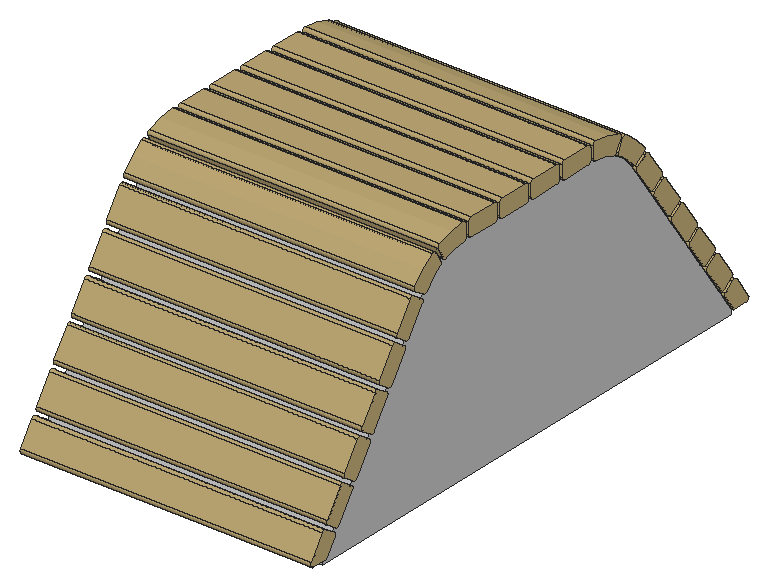
Revit family "L-FUR_벤치_YB-279_예건", category 일반 모델, Revit 2021
Family settings
  보강 철근 호스트 가능 = 아니오
  원형 커넥터 치수 = 지름 사용
  부품 유형 = 보통
  작업 기준면 기반 = 아니오
  항상 수직 = 예
  로드될 때 보이드를 사용하여 절단 = 아니오
  공유 = 아니오
  룸 계산 점 = 아니오
Parameters
  한국산업규격KS = ""
  조달청표준공사코드-세부공종 = ""
  기본 입면도 = 0 mm
  건설정보분류체계-부위분류 = "E943"
  LIM_INFO_주의사항 = "재배포, 재가공, 판매 금지"
  LIM_INFO_제품업체 = "예건"
  LIM_INFO_제품번호 = "YF-16"
  LIM_INFO_제품명 = "펜스_YF-16"
  LIM_INFO_제작일 = "20230315"
  LIM_INFO_재료 = "Hardwood, STL-pipe, STL-plate"
  LIM_INFO_업체정보 = ""
  LIM_INFO_업체URL = "https://yekun.com/"
  LIM_INFO_업체TEL = "(+82)31-943-6114"
  LIM_INFO_업체EMAIL = "yekun@yekun.com"
  LIM_INFO_버전 = "2023_V01"
  LIM_INFO_기타정보 = ""
  LIM_INFO_규격 = "W2000 x H1800"
  LIM_INFO_가격 = 0
  LIM_INFO_PV_포장재여부 = yes
  LIM_INFO_PV_면적 = 0.00 m²
  KBIMS_식별-버전 = ""
  KBIMS_식별-bSK등록번호 = ""
  KBIMS_보급정보-저작자 = "림인포테크_MMJ"
  KBIMS_보급정보-보급코드 = ""
Reference planes
  plane 1 "중심(앞/뒤)": y = 0
  plane 2: z = 0
  plane 3 "중심(왼쪽/오른쪽)": x = 0
Dimensions and locks
  aligned and locked: level to plane 2
Nested families
  nested 1: "YB-279_base" at (0, 0, 0), type "YB-279_base"
Definition of nested family "YB-279_base"
  Parameters (values of type "YB-279_base")
    Default Elevation = 0 mm
  Reference planes
    plane 1 "중심(앞/뒤)": y = 0
    plane 2: z = 0
    plane 3 "중심(왼쪽/오른쪽)": x = 0
  Forms (mm)
    Sweep 1, solid, not visible, detail levels fine
      path origin (0, 0, 0) x (1, 0, 0) y (0, 1, 0)
        loop
          circle (-1867.879, -167.062) r 568.25
      profile origin (-1867.879, 401.188, 0) x (0, -1, 0) y (0, 0, 1)
        loop
          circle (0, 0) r 28.75
        loop
          circle (0, 0) r 30.25
    Sweep 2, solid, not visible, detail levels coarse+medium
      path origin (0, 0, 0) x (1, 0, 0) y (0, 1, 0)
        loop
          circle (-1867.879, -167.062) r 568.25
      profile origin (-1867.879, 401.188, 0) x (0, -1, 0) y (0, 0, 1)
        loop
          line (26.465, -11.234) -> (26.657, 10.77) -> (11.234, 26.465) -> (-10.77, 26.657) -> (-26.465, 11.234) -> (-26.657, -10.77) -> (-11.234, -26.465) -> (10.77, -26.657) -> (26.465, -11.234)
        loop
          line (28.047, 11.332) -> (11.82, 27.845) -> (-11.332, 28.047) -> (-27.845, 11.82) -> (-28.047, -11.332) -> (-11.82, -27.845) -> (11.332, -28.047) -> (27.845, -11.82) -> (28.047, 11.332)
    Sweep 3, solid, not visible, detail levels fine
      path origin (0, 0, -1310.25) x (1, 0, 0) y (0, 1, 0)
        loop
          circle (-1867.879, -167.062) r 568.25
      profile origin (-1867.879, 401.188, -1310.25) x (0, -1, 0) y (0, 0, 1)
        loop
          circle (0, 1310.25) r 28.75
        loop
          circle (0, 1310.25) r 30.25
    Sweep 4, solid, not visible, detail levels coarse+medium
      path origin (0, 0, -1310.25) x (1, 0, 0) y (0, 1, 0)
        loop
          circle (-1867.879, -167.062) r 568.25
      profile origin (-1867.879, 401.188, -1310.25) x (0, -1, 0) y (0, 0, 1)
        loop
          line (26.465, 1299.016) -> (26.657, 1321.02) -> (11.234, 1336.715) -> (-10.77, 1336.907) -> (-26.465, 1321.484) -> (-26.657, 1299.48) -> (-11.234, 1283.785) -> (10.77, 1283.593) -> (26.465, 1299.016)
        loop
          line (28.047, 1321.582) -> (11.82, 1338.095) -> (-11.332, 1338.297) -> (-27.845, 1322.07) -> (-28.047, 1298.918) -> (-11.82, 1282.405) -> (11.332, 1282.203) -> (27.845, 1298.43) -> (28.047, 1321.582)
    Extrusion 5, solid, not visible
      sketch origin (0, 0, 0) x (1, 0, 0) y (0, 1, 0)
        loop
          line (-1678.243, -2480.024) -> (-1613.986, -2453.408)
          arc (-1613.986, -2453.408) -> (-1612.495, -2452.007) -> (-1612.304, -2449.969) r 2.893
          line (-1612.304, -2449.969) -> (-1622.315, -2413.562) -> (-1700.528, -2445.959) -> (-1681.864, -2478.781)
          arc (-1681.864, -2478.781) -> (-1680.288, -2480.087) -> (-1678.243, -2480.024) r 2.893
        loop
          line (-1517.968, -2394.568) -> (-1465.081, -2349.398)
          arc (-1465.081, -2349.398) -> (-1464.096, -2347.605) -> (-1464.544, -2345.608) r 2.893
          line (-1464.544, -2345.608) -> (-1485.315, -2314.077) -> (-1549.689, -2369.057) -> (-1521.796, -2394.505)
          arc (-1521.796, -2394.505) -> (-1519.893, -2395.26) -> (-1517.968, -2394.568) r 2.893
        loop
          line (-1391.945, -2263.766) -> (-1355.605, -2204.465)
          arc (-1355.605, -2204.465) -> (-1355.222, -2202.454) -> (-1356.265, -2200.694) r 2.893
          line (-1356.265, -2200.694) -> (-1385.763, -2177.125) -> (-1429.997, -2249.307) -> (-1395.605, -2264.89)
          arc (-1395.605, -2264.89) -> (-1393.562, -2265.02) -> (-1391.945, -2263.766) r 2.893
        loop
          line (-1312.509, -2100.424) -> (-1296.273, -2032.795)
          arc (-1296.273, -2032.795) -> (-1296.53, -2030.765) -> (-1298.067, -2029.413) r 2.893
          line (-1298.067, -2029.413) -> (-1333.404, -2016.112) -> (-1353.167, -2098.431) -> (-1315.643, -2102.623)
          arc (-1315.643, -2102.623) -> (-1313.66, -2102.116) -> (-1312.509, -2100.424) r 2.893
        loop
          line (-1287.437, -1920.529) -> (-1292.894, -1851.193)
          arc (-1292.894, -1851.193) -> (-1293.766, -1849.341) -> (-1295.645, -1848.53) r 2.893
          line (-1295.645, -1848.53) -> (-1333.364, -1846.801) -> (-1326.722, -1931.197) -> (-1289.738, -1923.589)
          arc (-1289.738, -1923.589) -> (-1288.009, -1922.494) -> (-1287.437, -1920.529) r 2.893
        loop
          line (-1319.183, -1741.691) -> (-1345.799, -1677.435)
          arc (-1345.799, -1677.435) -> (-1347.201, -1675.943) -> (-1349.238, -1675.753) r 2.893
          line (-1349.238, -1675.753) -> (-1385.645, -1685.763) -> (-1353.248, -1763.977) -> (-1320.426, -1745.312)
          arc (-1320.426, -1745.312) -> (-1319.12, -1743.736) -> (-1319.183, -1741.691) r 2.893
        loop
          line (-1404.64, -1581.416) -> (-1449.809, -1528.529)
          arc (-1449.809, -1528.529) -> (-1451.603, -1527.544) -> (-1453.6, -1527.992) r 2.893
          line (-1453.6, -1527.992) -> (-1485.131, -1548.764) -> (-1430.15, -1613.138) -> (-1404.702, -1585.244)
          arc (-1404.702, -1585.244) -> (-1403.947, -1583.342) -> (-1404.64, -1581.416) r 2.893
        loop
          line (-1535.441, -1455.393) -> (-1594.742, -1419.053)
          arc (-1594.742, -1419.053) -> (-1596.753, -1418.67) -> (-1598.513, -1419.714) r 2.893
          line (-1598.513, -1419.714) -> (-1622.083, -1449.212) -> (-1549.9, -1493.445) -> (-1534.317, -1459.053)
          arc (-1534.317, -1459.053) -> (-1534.187, -1457.01) -> (-1535.441, -1455.393) r 2.893
        loop
          line (-1698.784, -1375.958) -> (-1766.412, -1359.721)
          arc (-1766.412, -1359.721) -> (-1768.443, -1359.978) -> (-1769.795, -1361.515) r 2.893
          line (-1769.795, -1361.515) -> (-1783.095, -1396.853) -> (-1700.777, -1416.616) -> (-1696.584, -1379.091)
          arc (-1696.584, -1379.091) -> (-1697.091, -1377.108) -> (-1698.784, -1375.958) r 2.893
        loop
          line (-1878.679, -1350.886) -> (-1948.015, -1356.343)
          arc (-1948.015, -1356.343) -> (-1949.866, -1357.215) -> (-1950.677, -1359.094) r 2.893
          line (-1950.677, -1359.094) -> (-1952.406, -1396.812) -> (-1868.01, -1390.17) -> (-1875.618, -1353.187)
          arc (-1875.618, -1353.187) -> (-1876.713, -1351.457) -> (-1878.679, -1350.886) r 2.893
        loop
          line (-2057.516, -1382.632) -> (-2121.773, -1409.247)
          arc (-2121.773, -1409.247) -> (-2123.264, -1410.649) -> (-2123.455, -1412.687) r 2.893
          line (-2123.455, -1412.687) -> (-2113.444, -1449.093) -> (-2035.231, -1416.696) -> (-2053.895, -1383.874)
          arc (-2053.895, -1383.874) -> (-2055.471, -1382.568) -> (-2057.516, -1382.632) r 2.893
        loop
          line (-2217.791, -1468.088) -> (-2270.678, -1513.257)
          arc (-2270.678, -1513.257) -> (-2271.663, -1515.051) -> (-2271.215, -1517.048) r 2.893
          line (-2271.215, -1517.048) -> (-2250.444, -1548.579) -> (-2186.07, -1493.598) -> (-2213.963, -1468.15)
          arc (-2213.963, -1468.15) -> (-2215.865, -1467.395) -> (-2217.791, -1468.088) r 2.893
        loop
          line (-2343.814, -1598.889) -> (-2380.154, -1658.191)
          arc (-2380.154, -1658.191) -> (-2380.537, -1660.201) -> (-2379.494, -1661.962) r 2.893
          line (-2379.494, -1661.962) -> (-2349.996, -1685.531) -> (-2305.762, -1613.349) -> (-2340.154, -1597.766)
          arc (-2340.154, -1597.766) -> (-2342.197, -1597.635) -> (-2343.814, -1598.889) r 2.893
        loop
          line (-2437.692, -1833.243) -> (-2402.355, -1846.543) -> (-2382.592, -1764.225) -> (-2420.116, -1760.032)
          arc (-2420.116, -1760.032) -> (-2422.099, -1760.539) -> (-2423.25, -1762.232) r 2.893
          line (-2423.25, -1762.232) -> (-2439.486, -1829.861)
          arc (-2439.486, -1829.861) -> (-2439.229, -1831.891) -> (-2437.692, -1833.243) r 2.893
        loop
          line (-2440.113, -2014.125) -> (-2402.395, -2015.855) -> (-2409.037, -1931.458) -> (-2446.021, -1939.067)
          arc (-2446.021, -1939.067) -> (-2447.75, -1940.162) -> (-2448.322, -1942.127) r 2.893
          line (-2448.322, -1942.127) -> (-2442.865, -2011.463)
          arc (-2442.865, -2011.463) -> (-2441.993, -2013.314) -> (-2440.113, -2014.125) r 2.893
        loop
          line (-2386.521, -2186.903) -> (-2350.114, -2176.892) -> (-2382.511, -2098.679) -> (-2415.333, -2117.343)
          arc (-2415.333, -2117.343) -> (-2416.639, -2118.919) -> (-2416.576, -2120.965) r 2.893
          line (-2416.576, -2120.965) -> (-2389.96, -2185.221)
          arc (-2389.96, -2185.221) -> (-2388.558, -2186.712) -> (-2386.521, -2186.903) r 2.893
        loop
          line (-2282.159, -2334.663) -> (-2250.628, -2313.892) -> (-2305.609, -2249.518) -> (-2331.057, -2277.412)
          arc (-2331.057, -2277.412) -> (-2331.812, -2279.314) -> (-2331.119, -2281.24) r 2.893
          line (-2331.119, -2281.24) -> (-2285.95, -2334.126)
          arc (-2285.95, -2334.126) -> (-2284.156, -2335.112) -> (-2282.159, -2334.663) r 2.893
        loop
          line (-2137.246, -2442.942) -> (-2113.676, -2413.444) -> (-2185.859, -2369.21) -> (-2201.441, -2403.603)
          arc (-2201.441, -2403.603) -> (-2201.572, -2405.645) -> (-2200.318, -2407.263) r 2.893
          line (-2200.318, -2407.263) -> (-2141.017, -2443.603)
          arc (-2141.017, -2443.603) -> (-2139.006, -2443.986) -> (-2137.246, -2442.942) r 2.893
        loop
          line (-1965.964, -2501.141) -> (-1952.664, -2465.803) -> (-2034.982, -2446.04) -> (-2039.175, -2483.564)
          arc (-2039.175, -2483.564) -> (-2038.668, -2485.547) -> (-2036.975, -2486.698) r 2.893
          line (-2036.975, -2486.698) -> (-1969.347, -2502.934)
          arc (-1969.347, -2502.934) -> (-1967.316, -2502.677) -> (-1965.964, -2501.141) r 2.893
        loop
          line (-1785.082, -2503.562) -> (-1783.353, -2465.844) -> (-1867.749, -2472.486) -> (-1860.141, -2509.469)
          arc (-1860.141, -2509.469) -> (-1859.046, -2511.198) -> (-1857.08, -2511.77) r 2.893
          line (-1857.08, -2511.77) -> (-1787.744, -2506.313)
          arc (-1787.744, -2506.313) -> (-1785.893, -2505.441) -> (-1785.082, -2503.562) r 2.893
      from 0 to 680
    Extrusion 6, solid, not visible
      sketch origin (-326.184, 269.167, 0) x (0.987613, 0.156911, 0) y (-0.156911, 0.987613, 0)
        loop
          line (-1678.243, -2480.024) -> (-1613.986, -2453.408)
          arc (-1613.986, -2453.408) -> (-1612.495, -2452.007) -> (-1612.304, -2449.969) r 2.893
          line (-1612.304, -2449.969) -> (-1622.315, -2413.562) -> (-1700.528, -2445.959) -> (-1681.864, -2478.781)
          arc (-1681.864, -2478.781) -> (-1680.288, -2480.087) -> (-1678.243, -2480.024) r 2.893
        loop
          line (-1517.968, -2394.568) -> (-1465.081, -2349.398)
          arc (-1465.081, -2349.398) -> (-1464.096, -2347.605) -> (-1464.544, -2345.608) r 2.893
          line (-1464.544, -2345.608) -> (-1485.315, -2314.077) -> (-1549.689, -2369.057) -> (-1521.796, -2394.505)
          arc (-1521.796, -2394.505) -> (-1519.893, -2395.26) -> (-1517.968, -2394.568) r 2.893
        loop
          line (-1391.945, -2263.766) -> (-1355.605, -2204.465)
          arc (-1355.605, -2204.465) -> (-1355.222, -2202.454) -> (-1356.265, -2200.694) r 2.893
          line (-1356.265, -2200.694) -> (-1385.763, -2177.125) -> (-1429.997, -2249.307) -> (-1395.605, -2264.89)
          arc (-1395.605, -2264.89) -> (-1393.562, -2265.02) -> (-1391.945, -2263.766) r 2.893
        loop
          line (-1312.509, -2100.424) -> (-1296.273, -2032.795)
          arc (-1296.273, -2032.795) -> (-1296.53, -2030.765) -> (-1298.067, -2029.413) r 2.893
          line (-1298.067, -2029.413) -> (-1333.404, -2016.112) -> (-1353.167, -2098.431) -> (-1315.643, -2102.623)
          arc (-1315.643, -2102.623) -> (-1313.66, -2102.116) -> (-1312.509, -2100.424) r 2.893
        loop
          line (-1287.437, -1920.529) -> (-1292.894, -1851.193)
          arc (-1292.894, -1851.193) -> (-1293.766, -1849.341) -> (-1295.645, -1848.53) r 2.893
          line (-1295.645, -1848.53) -> (-1333.364, -1846.801) -> (-1326.722, -1931.197) -> (-1289.738, -1923.589)
          arc (-1289.738, -1923.589) -> (-1288.009, -1922.494) -> (-1287.437, -1920.529) r 2.893
        loop
          line (-1319.183, -1741.691) -> (-1345.799, -1677.435)
          arc (-1345.799, -1677.435) -> (-1347.201, -1675.943) -> (-1349.238, -1675.753) r 2.893
          line (-1349.238, -1675.753) -> (-1385.645, -1685.763) -> (-1353.248, -1763.977) -> (-1320.426, -1745.312)
          arc (-1320.426, -1745.312) -> (-1319.12, -1743.736) -> (-1319.183, -1741.691) r 2.893
        loop
          line (-1404.64, -1581.416) -> (-1449.809, -1528.529)
          arc (-1449.809, -1528.529) -> (-1451.603, -1527.544) -> (-1453.6, -1527.992) r 2.893
          line (-1453.6, -1527.992) -> (-1485.131, -1548.764) -> (-1430.15, -1613.138) -> (-1404.702, -1585.244)
          arc (-1404.702, -1585.244) -> (-1403.947, -1583.342) -> (-1404.64, -1581.416) r 2.893
        loop
          line (-1535.441, -1455.393) -> (-1594.742, -1419.053)
          arc (-1594.742, -1419.053) -> (-1596.753, -1418.67) -> (-1598.513, -1419.714) r 2.893
          line (-1598.513, -1419.714) -> (-1622.083, -1449.212) -> (-1549.9, -1493.445) -> (-1534.317, -1459.053)
          arc (-1534.317, -1459.053) -> (-1534.187, -1457.01) -> (-1535.441, -1455.393) r 2.893
        loop
          line (-1698.784, -1375.958) -> (-1766.412, -1359.721)
          arc (-1766.412, -1359.721) -> (-1768.443, -1359.978) -> (-1769.795, -1361.515) r 2.893
          line (-1769.795, -1361.515) -> (-1783.095, -1396.853) -> (-1700.777, -1416.616) -> (-1696.584, -1379.091)
          arc (-1696.584, -1379.091) -> (-1697.091, -1377.108) -> (-1698.784, -1375.958) r 2.893
        loop
          line (-1878.679, -1350.886) -> (-1948.015, -1356.343)
          arc (-1948.015, -1356.343) -> (-1949.866, -1357.215) -> (-1950.677, -1359.094) r 2.893
          line (-1950.677, -1359.094) -> (-1952.406, -1396.812) -> (-1868.01, -1390.17) -> (-1875.618, -1353.187)
          arc (-1875.618, -1353.187) -> (-1876.713, -1351.457) -> (-1878.679, -1350.886) r 2.893
        loop
          line (-2057.516, -1382.632) -> (-2121.773, -1409.247)
          arc (-2121.773, -1409.247) -> (-2123.264, -1410.649) -> (-2123.455, -1412.687) r 2.893
          line (-2123.455, -1412.687) -> (-2113.444, -1449.093) -> (-2035.231, -1416.696) -> (-2053.895, -1383.874)
          arc (-2053.895, -1383.874) -> (-2055.471, -1382.568) -> (-2057.516, -1382.632) r 2.893
        loop
          line (-2217.791, -1468.088) -> (-2270.678, -1513.257)
          arc (-2270.678, -1513.257) -> (-2271.663, -1515.051) -> (-2271.215, -1517.048) r 2.893
          line (-2271.215, -1517.048) -> (-2250.444, -1548.579) -> (-2186.07, -1493.598) -> (-2213.963, -1468.15)
          arc (-2213.963, -1468.15) -> (-2215.865, -1467.395) -> (-2217.791, -1468.088) r 2.893
        loop
          line (-2343.814, -1598.889) -> (-2380.154, -1658.191)
          arc (-2380.154, -1658.191) -> (-2380.537, -1660.201) -> (-2379.494, -1661.962) r 2.893
          line (-2379.494, -1661.962) -> (-2349.996, -1685.531) -> (-2305.762, -1613.349) -> (-2340.154, -1597.766)
          arc (-2340.154, -1597.766) -> (-2342.197, -1597.635) -> (-2343.814, -1598.889) r 2.893
        loop
          line (-2437.692, -1833.243) -> (-2402.355, -1846.543) -> (-2382.592, -1764.225) -> (-2420.116, -1760.032)
          arc (-2420.116, -1760.032) -> (-2422.099, -1760.539) -> (-2423.25, -1762.232) r 2.893
          line (-2423.25, -1762.232) -> (-2439.486, -1829.861)
          arc (-2439.486, -1829.861) -> (-2439.229, -1831.891) -> (-2437.692, -1833.243) r 2.893
        loop
          line (-2440.113, -2014.125) -> (-2402.395, -2015.855) -> (-2409.037, -1931.458) -> (-2446.021, -1939.067)
          arc (-2446.021, -1939.067) -> (-2447.75, -1940.162) -> (-2448.322, -1942.127) r 2.893
          line (-2448.322, -1942.127) -> (-2442.865, -2011.463)
          arc (-2442.865, -2011.463) -> (-2441.993, -2013.314) -> (-2440.113, -2014.125) r 2.893
        loop
          line (-2386.521, -2186.903) -> (-2350.114, -2176.892) -> (-2382.511, -2098.679) -> (-2415.333, -2117.343)
          arc (-2415.333, -2117.343) -> (-2416.639, -2118.919) -> (-2416.576, -2120.965) r 2.893
          line (-2416.576, -2120.965) -> (-2389.96, -2185.221)
          arc (-2389.96, -2185.221) -> (-2388.558, -2186.712) -> (-2386.521, -2186.903) r 2.893
        loop
          line (-2282.159, -2334.663) -> (-2250.628, -2313.892) -> (-2305.609, -2249.518) -> (-2331.057, -2277.412)
          arc (-2331.057, -2277.412) -> (-2331.812, -2279.314) -> (-2331.119, -2281.24) r 2.893
          line (-2331.119, -2281.24) -> (-2285.95, -2334.126)
          arc (-2285.95, -2334.126) -> (-2284.156, -2335.112) -> (-2282.159, -2334.663) r 2.893
        loop
          line (-2137.246, -2442.942) -> (-2113.676, -2413.444) -> (-2185.859, -2369.21) -> (-2201.441, -2403.603)
          arc (-2201.441, -2403.603) -> (-2201.572, -2405.645) -> (-2200.318, -2407.263) r 2.893
          line (-2200.318, -2407.263) -> (-2141.017, -2443.603)
          arc (-2141.017, -2443.603) -> (-2139.006, -2443.986) -> (-2137.246, -2442.942) r 2.893
        loop
          line (-1965.964, -2501.141) -> (-1952.664, -2465.803) -> (-2034.982, -2446.04) -> (-2039.175, -2483.564)
          arc (-2039.175, -2483.564) -> (-2038.668, -2485.547) -> (-2036.975, -2486.698) r 2.893
          line (-2036.975, -2486.698) -> (-1969.347, -2502.934)
          arc (-1969.347, -2502.934) -> (-1967.316, -2502.677) -> (-1965.964, -2501.141) r 2.893
        loop
          line (-1785.082, -2503.562) -> (-1783.353, -2465.844) -> (-1867.749, -2472.486) -> (-1860.141, -2509.469)
          arc (-1860.141, -2509.469) -> (-1859.046, -2511.198) -> (-1857.08, -2511.77) r 2.893
          line (-1857.08, -2511.77) -> (-1787.744, -2506.313)
          arc (-1787.744, -2506.313) -> (-1785.893, -2505.441) -> (-1785.082, -2503.562) r 2.893
      from 0 to 680
    Extrusion 7, solid, not visible
      sketch origin (0, 0, 0) x (1, 0, 0) y (0, 1, 0)
        loop
          circle (-1867.879, -1931.328) r 537.5
        loop
          circle (-1867.879, -1931.328) r 539.5
      from 0 to 794.31
    Sweep 8, solid, not visible, detail levels fine
      path origin (0, -1764.266, -542.405) x (1, 0, 0) y (0, 1, 0)
        loop
          circle (-1867.879, -167.062) r 568.25
      profile origin (-1867.879, -1363.078, -542.405) x (0, -1, 0) y (0, 0, 1)
        loop
          circle (0, 1310.25) r 28.75
        loop
          circle (0, 1310.25) r 30.25
    Sweep 9, solid, not visible, detail levels coarse+medium
      path origin (0, -1764.266, -542.405) x (1, 0, 0) y (0, 1, 0)
        loop
          circle (-1867.879, -167.062) r 568.25
      profile origin (-1867.879, -1363.078, -542.405) x (0, -1, 0) y (0, 0, 1)
        loop
          line (26.465, 1299.016) -> (26.657, 1321.02) -> (11.234, 1336.715) -> (-10.77, 1336.907) -> (-26.465, 1321.484) -> (-26.657, 1299.48) -> (-11.234, 1283.785) -> (10.77, 1283.593) -> (26.465, 1299.016)
        loop
          line (28.047, 1321.582) -> (11.82, 1338.095) -> (-11.332, 1338.297) -> (-27.845, 1322.07) -> (-28.047, 1298.918) -> (-11.82, 1282.405) -> (11.332, 1282.203) -> (27.845, 1298.43) -> (28.047, 1321.582)
    Sweep 10, solid, not visible, detail levels fine
      path origin (0, -1764.266, -1278.297) x (1, 0, 0) y (0, 1, 0)
        loop
          circle (-1867.879, -167.062) r 568.25
      profile origin (-1867.879, -1363.078, -1278.297) x (0, -1, 0) y (0, 0, 1)
        loop
          circle (0, 1310.25) r 28.75
        loop
          circle (0, 1310.25) r 30.25
    Sweep 11, solid, not visible, detail levels coarse+medium
      path origin (0, -1764.266, -1278.297) x (1, 0, 0) y (0, 1, 0)
        loop
          circle (-1867.879, -167.062) r 568.25
      profile origin (-1867.879, -1363.078, -1278.297) x (0, -1, 0) y (0, 0, 1)
        loop
          line (26.465, 1299.016) -> (26.657, 1321.02) -> (11.234, 1336.715) -> (-10.77, 1336.907) -> (-26.465, 1321.484) -> (-26.657, 1299.48) -> (-11.234, 1283.785) -> (10.77, 1283.593) -> (26.465, 1299.016)
        loop
          line (28.047, 1321.582) -> (11.82, 1338.095) -> (-11.332, 1338.297) -> (-27.845, 1322.07) -> (-28.047, 1298.918) -> (-11.82, 1282.405) -> (11.332, 1282.203) -> (27.845, 1298.43) -> (28.047, 1321.582)
    Extrusion 12, solid, not visible
      sketch origin (0, 0, 60) x (1, 0, 0) y (0, 1, 0)
        loop
          line (-1678.243, -2480.024) -> (-1613.986, -2453.408)
          arc (-1613.986, -2453.408) -> (-1612.495, -2452.007) -> (-1612.304, -2449.969) r 2.893
          line (-1612.304, -2449.969) -> (-1622.315, -2413.562) -> (-1700.528, -2445.959) -> (-1681.864, -2478.781)
          arc (-1681.864, -2478.781) -> (-1680.288, -2480.087) -> (-1678.243, -2480.024) r 2.893
        loop
          line (-1517.968, -2394.568) -> (-1465.081, -2349.398)
          arc (-1465.081, -2349.398) -> (-1464.096, -2347.605) -> (-1464.544, -2345.608) r 2.893
          line (-1464.544, -2345.608) -> (-1485.315, -2314.077) -> (-1549.689, -2369.057) -> (-1521.796, -2394.505)
          arc (-1521.796, -2394.505) -> (-1519.893, -2395.26) -> (-1517.968, -2394.568) r 2.893
        loop
          line (-1391.945, -2263.766) -> (-1355.605, -2204.465)
          arc (-1355.605, -2204.465) -> (-1355.222, -2202.454) -> (-1356.265, -2200.694) r 2.893
          line (-1356.265, -2200.694) -> (-1385.763, -2177.125) -> (-1429.997, -2249.307) -> (-1395.605, -2264.89)
          arc (-1395.605, -2264.89) -> (-1393.562, -2265.02) -> (-1391.945, -2263.766) r 2.893
        loop
          line (-1312.509, -2100.424) -> (-1296.273, -2032.795)
          arc (-1296.273, -2032.795) -> (-1296.53, -2030.765) -> (-1298.067, -2029.413) r 2.893
          line (-1298.067, -2029.413) -> (-1333.404, -2016.112) -> (-1353.167, -2098.431) -> (-1315.643, -2102.623)
          arc (-1315.643, -2102.623) -> (-1313.66, -2102.116) -> (-1312.509, -2100.424) r 2.893
        loop
          line (-1287.437, -1920.529) -> (-1292.894, -1851.193)
          arc (-1292.894, -1851.193) -> (-1293.766, -1849.341) -> (-1295.645, -1848.53) r 2.893
          line (-1295.645, -1848.53) -> (-1333.364, -1846.801) -> (-1326.722, -1931.197) -> (-1289.738, -1923.589)
          arc (-1289.738, -1923.589) -> (-1288.009, -1922.494) -> (-1287.437, -1920.529) r 2.893
        loop
          line (-1319.183, -1741.691) -> (-1345.799, -1677.435)
          arc (-1345.799, -1677.435) -> (-1347.201, -1675.943) -> (-1349.238, -1675.753) r 2.893
          line (-1349.238, -1675.753) -> (-1385.645, -1685.763) -> (-1353.248, -1763.977) -> (-1320.426, -1745.312)
          arc (-1320.426, -1745.312) -> (-1319.12, -1743.736) -> (-1319.183, -1741.691) r 2.893
        loop
          line (-1404.64, -1581.416) -> (-1449.809, -1528.529)
          arc (-1449.809, -1528.529) -> (-1451.603, -1527.544) -> (-1453.6, -1527.992) r 2.893
          line (-1453.6, -1527.992) -> (-1485.131, -1548.764) -> (-1430.15, -1613.138) -> (-1404.702, -1585.244)
          arc (-1404.702, -1585.244) -> (-1403.947, -1583.342) -> (-1404.64, -1581.416) r 2.893
        loop
          line (-1535.441, -1455.393) -> (-1594.742, -1419.053)
          arc (-1594.742, -1419.053) -> (-1596.753, -1418.67) -> (-1598.513, -1419.714) r 2.893
          line (-1598.513, -1419.714) -> (-1622.083, -1449.212) -> (-1549.9, -1493.445) -> (-1534.317, -1459.053)
          arc (-1534.317, -1459.053) -> (-1534.187, -1457.01) -> (-1535.441, -1455.393) r 2.893
        loop
          line (-1698.784, -1375.958) -> (-1766.412, -1359.721)
          arc (-1766.412, -1359.721) -> (-1768.443, -1359.978) -> (-1769.795, -1361.515) r 2.893
          line (-1769.795, -1361.515) -> (-1783.095, -1396.853) -> (-1700.777, -1416.616) -> (-1696.584, -1379.091)
          arc (-1696.584, -1379.091) -> (-1697.091, -1377.108) -> (-1698.784, -1375.958) r 2.893
        loop
          line (-1878.679, -1350.886) -> (-1948.015, -1356.343)
          arc (-1948.015, -1356.343) -> (-1949.866, -1357.215) -> (-1950.677, -1359.094) r 2.893
          line (-1950.677, -1359.094) -> (-1952.406, -1396.812) -> (-1868.01, -1390.17) -> (-1875.618, -1353.187)
          arc (-1875.618, -1353.187) -> (-1876.713, -1351.457) -> (-1878.679, -1350.886) r 2.893
        loop
          line (-2057.516, -1382.632) -> (-2121.773, -1409.247)
          arc (-2121.773, -1409.247) -> (-2123.264, -1410.649) -> (-2123.455, -1412.687) r 2.893
          line (-2123.455, -1412.687) -> (-2113.444, -1449.093) -> (-2035.231, -1416.696) -> (-2053.895, -1383.874)
          arc (-2053.895, -1383.874) -> (-2055.471, -1382.568) -> (-2057.516, -1382.632) r 2.893
        loop
          line (-2217.791, -1468.088) -> (-2270.678, -1513.257)
          arc (-2270.678, -1513.257) -> (-2271.663, -1515.051) -> (-2271.215, -1517.048) r 2.893
          line (-2271.215, -1517.048) -> (-2250.444, -1548.579) -> (-2186.07, -1493.598) -> (-2213.963, -1468.15)
          arc (-2213.963, -1468.15) -> (-2215.865, -1467.395) -> (-2217.791, -1468.088) r 2.893
        loop
          line (-2343.814, -1598.889) -> (-2380.154, -1658.191)
          arc (-2380.154, -1658.191) -> (-2380.537, -1660.201) -> (-2379.494, -1661.962) r 2.893
          line (-2379.494, -1661.962) -> (-2349.996, -1685.531) -> (-2305.762, -1613.349) -> (-2340.154, -1597.766)
          arc (-2340.154, -1597.766) -> (-2342.197, -1597.635) -> (-2343.814, -1598.889) r 2.893
        loop
          line (-2437.692, -1833.243) -> (-2402.355, -1846.543) -> (-2382.592, -1764.225) -> (-2420.116, -1760.032)
          arc (-2420.116, -1760.032) -> (-2422.099, -1760.539) -> (-2423.25, -1762.232) r 2.893
          line (-2423.25, -1762.232) -> (-2439.486, -1829.861)
          arc (-2439.486, -1829.861) -> (-2439.229, -1831.891) -> (-2437.692, -1833.243) r 2.893
        loop
          line (-2440.113, -2014.125) -> (-2402.395, -2015.855) -> (-2409.037, -1931.458) -> (-2446.021, -1939.067)
          arc (-2446.021, -1939.067) -> (-2447.75, -1940.162) -> (-2448.322, -1942.127) r 2.893
          line (-2448.322, -1942.127) -> (-2442.865, -2011.463)
          arc (-2442.865, -2011.463) -> (-2441.993, -2013.314) -> (-2440.113, -2014.125) r 2.893
        loop
          line (-2386.521, -2186.903) -> (-2350.114, -2176.892) -> (-2382.511, -2098.679) -> (-2415.333, -2117.343)
          arc (-2415.333, -2117.343) -> (-2416.639, -2118.919) -> (-2416.576, -2120.965) r 2.893
          line (-2416.576, -2120.965) -> (-2389.96, -2185.221)
          arc (-2389.96, -2185.221) -> (-2388.558, -2186.712) -> (-2386.521, -2186.903) r 2.893
        loop
          line (-2282.159, -2334.663) -> (-2250.628, -2313.892) -> (-2305.609, -2249.518) -> (-2331.057, -2277.412)
          arc (-2331.057, -2277.412) -> (-2331.812, -2279.314) -> (-2331.119, -2281.24) r 2.893
          line (-2331.119, -2281.24) -> (-2285.95, -2334.126)
          arc (-2285.95, -2334.126) -> (-2284.156, -2335.112) -> (-2282.159, -2334.663) r 2.893
        loop
          line (-2137.246, -2442.942) -> (-2113.676, -2413.444) -> (-2185.859, -2369.21) -> (-2201.441, -2403.603)
          arc (-2201.441, -2403.603) -> (-2201.572, -2405.645) -> (-2200.318, -2407.263) r 2.893
          line (-2200.318, -2407.263) -> (-2141.017, -2443.603)
          arc (-2141.017, -2443.603) -> (-2139.006, -2443.986) -> (-2137.246, -2442.942) r 2.893
        loop
          line (-1965.964, -2501.141) -> (-1952.664, -2465.803) -> (-2034.982, -2446.04) -> (-2039.175, -2483.564)
          arc (-2039.175, -2483.564) -> (-2038.668, -2485.547) -> (-2036.975, -2486.698) r 2.893
          line (-2036.975, -2486.698) -> (-1969.347, -2502.934)
          arc (-1969.347, -2502.934) -> (-1967.316, -2502.677) -> (-1965.964, -2501.141) r 2.893
        loop
          line (-1785.082, -2503.562) -> (-1783.353, -2465.844) -> (-1867.749, -2472.486) -> (-1860.141, -2509.469)
          arc (-1860.141, -2509.469) -> (-1859.046, -2511.198) -> (-1857.08, -2511.77) r 2.893
          line (-1857.08, -2511.77) -> (-1787.744, -2506.313)
          arc (-1787.744, -2506.313) -> (-1785.893, -2505.441) -> (-1785.082, -2503.562) r 2.893
      from 0 to 680
    Extrusion 13, solid, not visible
      sketch origin (-326.184, 269.167, 60) x (0.987613, 0.156911, 0) y (-0.156911, 0.987613, 0)
        loop
          line (-1678.243, -2480.024) -> (-1613.986, -2453.408)
          arc (-1613.986, -2453.408) -> (-1612.495, -2452.007) -> (-1612.304, -2449.969) r 2.893
          line (-1612.304, -2449.969) -> (-1622.315, -2413.562) -> (-1700.528, -2445.959) -> (-1681.864, -2478.781)
          arc (-1681.864, -2478.781) -> (-1680.288, -2480.087) -> (-1678.243, -2480.024) r 2.893
        loop
          line (-1517.968, -2394.568) -> (-1465.081, -2349.398)
          arc (-1465.081, -2349.398) -> (-1464.096, -2347.605) -> (-1464.544, -2345.608) r 2.893
          line (-1464.544, -2345.608) -> (-1485.315, -2314.077) -> (-1549.689, -2369.057) -> (-1521.796, -2394.505)
          arc (-1521.796, -2394.505) -> (-1519.893, -2395.26) -> (-1517.968, -2394.568) r 2.893
        loop
          line (-1391.945, -2263.766) -> (-1355.605, -2204.465)
          arc (-1355.605, -2204.465) -> (-1355.222, -2202.454) -> (-1356.265, -2200.694) r 2.893
          line (-1356.265, -2200.694) -> (-1385.763, -2177.125) -> (-1429.997, -2249.307) -> (-1395.605, -2264.89)
          arc (-1395.605, -2264.89) -> (-1393.562, -2265.02) -> (-1391.945, -2263.766) r 2.893
        loop
          line (-1312.509, -2100.424) -> (-1296.273, -2032.795)
          arc (-1296.273, -2032.795) -> (-1296.53, -2030.765) -> (-1298.067, -2029.413) r 2.893
          line (-1298.067, -2029.413) -> (-1333.404, -2016.112) -> (-1353.167, -2098.431) -> (-1315.643, -2102.623)
          arc (-1315.643, -2102.623) -> (-1313.66, -2102.116) -> (-1312.509, -2100.424) r 2.893
        loop
          line (-1287.437, -1920.529) -> (-1292.894, -1851.193)
          arc (-1292.894, -1851.193) -> (-1293.766, -1849.341) -> (-1295.645, -1848.53) r 2.893
          line (-1295.645, -1848.53) -> (-1333.364, -1846.801) -> (-1326.722, -1931.197) -> (-1289.738, -1923.589)
          arc (-1289.738, -1923.589) -> (-1288.009, -1922.494) -> (-1287.437, -1920.529) r 2.893
        loop
          line (-1319.183, -1741.691) -> (-1345.799, -1677.435)
          arc (-1345.799, -1677.435) -> (-1347.201, -1675.943) -> (-1349.238, -1675.753) r 2.893
          line (-1349.238, -1675.753) -> (-1385.645, -1685.763) -> (-1353.248, -1763.977) -> (-1320.426, -1745.312)
          arc (-1320.426, -1745.312) -> (-1319.12, -1743.736) -> (-1319.183, -1741.691) r 2.893
        loop
          line (-1404.64, -1581.416) -> (-1449.809, -1528.529)
          arc (-1449.809, -1528.529) -> (-1451.603, -1527.544) -> (-1453.6, -1527.992) r 2.893
          line (-1453.6, -1527.992) -> (-1485.131, -1548.764) -> (-1430.15, -1613.138) -> (-1404.702, -1585.244)
          arc (-1404.702, -1585.244) -> (-1403.947, -1583.342) -> (-1404.64, -1581.416) r 2.893
        loop
          line (-1535.441, -1455.393) -> (-1594.742, -1419.053)
          arc (-1594.742, -1419.053) -> (-1596.753, -1418.67) -> (-1598.513, -1419.714) r 2.893
          line (-1598.513, -1419.714) -> (-1622.083, -1449.212) -> (-1549.9, -1493.445) -> (-1534.317, -1459.053)
          arc (-1534.317, -1459.053) -> (-1534.187, -1457.01) -> (-1535.441, -1455.393) r 2.893
        loop
          line (-1698.784, -1375.958) -> (-1766.412, -1359.721)
          arc (-1766.412, -1359.721) -> (-1768.443, -1359.978) -> (-1769.795, -1361.515) r 2.893
          line (-1769.795, -1361.515) -> (-1783.095, -1396.853) -> (-1700.777, -1416.616) -> (-1696.584, -1379.091)
          arc (-1696.584, -1379.091) -> (-1697.091, -1377.108) -> (-1698.784, -1375.958) r 2.893
        loop
          line (-1878.679, -1350.886) -> (-1948.015, -1356.343)
          arc (-1948.015, -1356.343) -> (-1949.866, -1357.215) -> (-1950.677, -1359.094) r 2.893
          line (-1950.677, -1359.094) -> (-1952.406, -1396.812) -> (-1868.01, -1390.17) -> (-1875.618, -1353.187)
          arc (-1875.618, -1353.187) -> (-1876.713, -1351.457) -> (-1878.679, -1350.886) r 2.893
        loop
          line (-2057.516, -1382.632) -> (-2121.773, -1409.247)
          arc (-2121.773, -1409.247) -> (-2123.264, -1410.649) -> (-2123.455, -1412.687) r 2.893
          line (-2123.455, -1412.687) -> (-2113.444, -1449.093) -> (-2035.231, -1416.696) -> (-2053.895, -1383.874)
          arc (-2053.895, -1383.874) -> (-2055.471, -1382.568) -> (-2057.516, -1382.632) r 2.893
        loop
          line (-2217.791, -1468.088) -> (-2270.678, -1513.257)
          arc (-2270.678, -1513.257) -> (-2271.663, -1515.051) -> (-2271.215, -1517.048) r 2.893
          line (-2271.215, -1517.048) -> (-2250.444, -1548.579) -> (-2186.07, -1493.598) -> (-2213.963, -1468.15)
          arc (-2213.963, -1468.15) -> (-2215.865, -1467.395) -> (-2217.791, -1468.088) r 2.893
        loop
          line (-2343.814, -1598.889) -> (-2380.154, -1658.191)
          arc (-2380.154, -1658.191) -> (-2380.537, -1660.201) -> (-2379.494, -1661.962) r 2.893
          line (-2379.494, -1661.962) -> (-2349.996, -1685.531) -> (-2305.762, -1613.349) -> (-2340.154, -1597.766)
          arc (-2340.154, -1597.766) -> (-2342.197, -1597.635) -> (-2343.814, -1598.889) r 2.893
        loop
          line (-2437.692, -1833.243) -> (-2402.355, -1846.543) -> (-2382.592, -1764.225) -> (-2420.116, -1760.032)
          arc (-2420.116, -1760.032) -> (-2422.099, -1760.539) -> (-2423.25, -1762.232) r 2.893
          line (-2423.25, -1762.232) -> (-2439.486, -1829.861)
          arc (-2439.486, -1829.861) -> (-2439.229, -1831.891) -> (-2437.692, -1833.243) r 2.893
        loop
          line (-2440.113, -2014.125) -> (-2402.395, -2015.855) -> (-2409.037, -1931.458) -> (-2446.021, -1939.067)
          arc (-2446.021, -1939.067) -> (-2447.75, -1940.162) -> (-2448.322, -1942.127) r 2.893
          line (-2448.322, -1942.127) -> (-2442.865, -2011.463)
          arc (-2442.865, -2011.463) -> (-2441.993, -2013.314) -> (-2440.113, -2014.125) r 2.893
        loop
          line (-2386.521, -2186.903) -> (-2350.114, -2176.892) -> (-2382.511, -2098.679) -> (-2415.333, -2117.343)
          arc (-2415.333, -2117.343) -> (-2416.639, -2118.919) -> (-2416.576, -2120.965) r 2.893
          line (-2416.576, -2120.965) -> (-2389.96, -2185.221)
          arc (-2389.96, -2185.221) -> (-2388.558, -2186.712) -> (-2386.521, -2186.903) r 2.893
        loop
          line (-2282.159, -2334.663) -> (-2250.628, -2313.892) -> (-2305.609, -2249.518) -> (-2331.057, -2277.412)
          arc (-2331.057, -2277.412) -> (-2331.812, -2279.314) -> (-2331.119, -2281.24) r 2.893
          line (-2331.119, -2281.24) -> (-2285.95, -2334.126)
          arc (-2285.95, -2334.126) -> (-2284.156, -2335.112) -> (-2282.159, -2334.663) r 2.893
        loop
          line (-2137.246, -2442.942) -> (-2113.676, -2413.444) -> (-2185.859, -2369.21) -> (-2201.441, -2403.603)
          arc (-2201.441, -2403.603) -> (-2201.572, -2405.645) -> (-2200.318, -2407.263) r 2.893
          line (-2200.318, -2407.263) -> (-2141.017, -2443.603)
          arc (-2141.017, -2443.603) -> (-2139.006, -2443.986) -> (-2137.246, -2442.942) r 2.893
        loop
          line (-1965.964, -2501.141) -> (-1952.664, -2465.803) -> (-2034.982, -2446.04) -> (-2039.175, -2483.564)
          arc (-2039.175, -2483.564) -> (-2038.668, -2485.547) -> (-2036.975, -2486.698) r 2.893
          line (-2036.975, -2486.698) -> (-1969.347, -2502.934)
          arc (-1969.347, -2502.934) -> (-1967.316, -2502.677) -> (-1965.964, -2501.141) r 2.893
        loop
          line (-1785.082, -2503.562) -> (-1783.353, -2465.844) -> (-1867.749, -2472.486) -> (-1860.141, -2509.469)
          arc (-1860.141, -2509.469) -> (-1859.046, -2511.198) -> (-1857.08, -2511.77) r 2.893
          line (-1857.08, -2511.77) -> (-1787.744, -2506.313)
          arc (-1787.744, -2506.313) -> (-1785.893, -2505.441) -> (-1785.082, -2503.562) r 2.893
      from 0 to 680
    Extrusion 14, solid, not visible
      sketch origin (0, -1764.266, 4.107) x (1, 0, 0) y (0, 1, 0)
        loop
          arc (-2404.542, -137.062) -> (-2405.379, -167.062) -> (-2404.542, -197.062) r 537.5
          line (-2404.542, -197.062) -> (-1331.217, -197.062)
          arc (-1331.217, -197.062) -> (-1330.379, -167.062) -> (-1331.217, -137.062) r 537.5
          line (-1331.217, -137.062) -> (-2404.542, -137.062)
      from 0 to 40
    Extrusion 15, solid, not visible
      sketch origin (-2034.942, -63.448, 4.107) x (0, 1, 0) y (-1, 0, 0)
        loop
          arc (-2404.542, -137.062) -> (-2405.379, -167.062) -> (-2404.542, -197.062) r 537.5
          line (-2404.542, -197.062) -> (-1331.217, -197.062)
          arc (-1331.217, -197.062) -> (-1330.379, -167.062) -> (-1331.217, -137.062) r 537.5
          line (-1331.217, -137.062) -> (-2404.542, -137.062)
      from 0 to 40
    Extrusion 16, solid, not visible
      sketch origin (0, -1764.266, 44.107) x (1, 0, 0) y (0, 1, 0)
        loop
          circle (-1867.879, -167.062) r 537.5
        loop
          circle (-2080.012, -379.194) r 10
        loop
          circle (-1655.747, -379.194) r 10
        loop
          circle (-1655.747, 45.07) r 10
        loop
          circle (-2080.012, 45.07) r 10
      from 0 to 1.2
    Extrusion 17, solid, not visible
      sketch origin (0, 142.026, 0) x (1, 0, 0) y (0, 0, 1)
        loop
          line (250.196, 700) -> (250.196, 50) -> (310.196, 50) -> (310.196, 700) -> (250.196, 700)
      from 0 to 20
    Revolve 18, solid, not visible, detail levels coarse+medium
      sketch origin (0, 0, 0) x (1, 0, 0) y (0, 0, 1)
        loop
          line (2550.799, 933.793) -> (2552.49, 933.793) -> (2552.49, 934.794) -> (2550.649, 934.794)
          arc (2550.649, 934.794) -> (2545.113, 933.3) -> (2541.082, 929.223) r 11
          line (2541.082, 929.223) -> (2530.908, 911.294) -> (2530.34, 910.294) -> (2531.49, 910.294) -> (2541.952, 928.73)
          arc (2541.952, 928.73) -> (2545.617, 932.436) -> (2550.649, 933.794) r 10
        axis (2567.64, 934.794) -> (2567.64, 910.294)
      angle from 0 to 360
    Revolve 19, solid, not visible, detail levels coarse+medium
      sketch origin (0, 0, 0) x (1, 0, 0) y (0, 0, 1)
        loop
          line (2552.79, 910.294) -> (2552.79, 933.794) -> (2550.949, 933.794)
          arc (2550.949, 933.794) -> (2545.917, 932.436) -> (2542.252, 928.73) r 10
          line (2542.252, 928.73) -> (2531.79, 910.294) -> (2533.63, 910.294) -> (2543.643, 927.94)
          arc (2543.643, 927.94) -> (2546.722, 931.053) -> (2550.949, 932.194) r 8.4
          line (2550.949, 932.194) -> (2550.949, 910.294) -> (2552.79, 910.294)
        axis (2567.64, 933.794) -> (2567.64, 910.294)
      angle from 0 to 360
    Sweep 20, solid, not visible, detail levels coarse+medium
      path origin (12.126, 0, 0) x (0, 1, 0) y (0, 0, 1)
        loop
          line (2755.111, 246.603) -> (2647.361, 246.603)
          arc (2647.361, 246.603) -> (2576.297, 276.039) -> (2546.861, 347.103) r 100.5
          line (2546.861, 347.103) -> (2546.861, 572.103)
          arc (2546.861, 572.103) -> (2576.297, 643.167) -> (2647.361, 672.603) r 100.5
          line (2647.361, 672.603) -> (2755.111, 672.603)
      profile origin (12.126, 2701.236, 246.603) x (0, 0, -1) y (1, 0, 0)
        loop
          line (2.459, -9.176) -> (8.227, -4.75) -> (9.176, 2.459) -> (4.75, 8.227) -> (-2.459, 9.176) -> (-8.227, 4.75) -> (-9.176, -2.459) -> (-4.75, -8.227) -> (2.459, -9.176)
    Sweep 21, solid, not visible, detail levels coarse+medium
      path origin (102.126, 0, 0) x (0, 1, 0) y (0, 0, 1)
        loop
          line (2755.111, 246.603) -> (2647.361, 246.603)
          arc (2647.361, 246.603) -> (2576.297, 276.039) -> (2546.861, 347.103) r 100.5
          line (2546.861, 347.103) -> (2546.861, 572.103)
          arc (2546.861, 572.103) -> (2576.297, 643.167) -> (2647.361, 672.603) r 100.5
          line (2647.361, 672.603) -> (2755.111, 672.603)
      profile origin (102.126, 2701.236, 246.603) x (0, 0, -1) y (1, 0, 0)
        loop
          line (2.459, -9.176) -> (8.227, -4.75) -> (9.176, 2.459) -> (4.75, 8.227) -> (-2.459, 9.176) -> (-8.227, 4.75) -> (-9.176, -2.459) -> (-4.75, -8.227) -> (2.459, -9.176)
    Extrusion 22, solid, detail levels fine
      sketch origin (0, 31.814, 0) x (0, 1, 0) y (0, 0, 1)
        loop
          line (28.184, 51.346) -> (18.609, 37.3) -> (0, 10) -> (0, 0) -> (876.8, 0) -> (876.8, 10) -> (858.191, 37.3) -> (848.615, 51.346) -> (820.453, 92.661) -> (810.877, 106.707) -> (782.715, 148.022) -> (773.14, 162.069) -> (744.977, 203.383) -> (735.402, 217.43) -> (707.239, 258.744) -> (697.664, 272.791) -> (669.501, 314.105) -> (662.66, 324.141)
          arc (662.66, 324.141) -> (624.967, 357.83) -> (575.9, 370) r 105
          line (575.9, 370) -> (563.9, 370) -> (513.9, 370) -> (496.9, 370) -> (446.9, 370) -> (429.9, 370) -> (379.9, 370) -> (362.9, 370) -> (312.9, 370) -> (300.9, 370)
          arc (300.9, 370) -> (251.833, 357.83) -> (214.14, 324.141) r 105
          line (214.14, 324.141) -> (207.299, 314.105) -> (179.136, 272.791) -> (169.561, 258.744) -> (141.398, 217.43) -> (131.823, 203.383) -> (103.66, 162.069) -> (94.085, 148.022) -> (65.922, 106.707) -> (56.347, 92.661) -> (28.184, 51.346)
      from 5 to 495
    Extrusion 23, solid, detail levels fine
      sketch origin (0, 31.814, 0) x (0, 1, 0) y (0, 0, 1)
        loop
          arc (296.127, 369.891) -> (299.515, 371.432) -> (300.9, 374.886) r 5
          line (300.9, 374.886) -> (300.9, 394.904)
          arc (300.9, 394.904) -> (299.367, 398.507) -> (295.708, 399.9) r 5
          arc (295.708, 399.9) -> (270.067, 396.432) -> (245.558, 388.135) r 135
          arc (245.558, 388.135) -> (242.901, 385.26) -> (243.13, 381.351) r 5
          line (243.13, 381.351) -> (252.032, 363.422)
          arc (252.032, 363.422) -> (254.809, 360.944) -> (258.528, 361.071) r 5
          arc (258.528, 361.071) -> (276.919, 367.225) -> (296.127, 369.891) r 105
        loop
          line (362.9, 400) -> (312.9, 400)
          arc (312.9, 400) -> (309.364, 398.536) -> (307.9, 395) r 5
          line (307.9, 395) -> (307.9, 375)
          arc (307.9, 375) -> (309.364, 371.464) -> (312.9, 370) r 5
          line (312.9, 370) -> (362.9, 370)
          arc (362.9, 370) -> (366.435, 371.464) -> (367.9, 375) r 5
          line (367.9, 375) -> (367.9, 395)
          arc (367.9, 395) -> (366.435, 398.536) -> (362.9, 400) r 5
        loop
          line (429.9, 400) -> (379.9, 400)
          arc (379.9, 400) -> (376.364, 398.536) -> (374.9, 395) r 5
          line (374.9, 395) -> (374.9, 375)
          arc (374.9, 375) -> (376.364, 371.464) -> (379.9, 370) r 5
          line (379.9, 370) -> (429.9, 370)
          arc (429.9, 370) -> (433.435, 371.464) -> (434.9, 375) r 5
          line (434.9, 375) -> (434.9, 395)
          arc (434.9, 395) -> (433.435, 398.536) -> (429.9, 400) r 5
        loop
          line (496.9, 400) -> (446.9, 400)
          arc (446.9, 400) -> (443.364, 398.536) -> (441.9, 395) r 5
          line (441.9, 395) -> (441.9, 375)
          arc (441.9, 375) -> (443.364, 371.464) -> (446.9, 370) r 5
          line (446.9, 370) -> (496.9, 370)
          arc (496.9, 370) -> (500.435, 371.464) -> (501.9, 375) r 5
          line (501.9, 375) -> (501.9, 395)
          arc (501.9, 395) -> (500.435, 398.536) -> (496.9, 400) r 5
        loop
          line (563.9, 400) -> (513.9, 400)
          arc (513.9, 400) -> (510.364, 398.536) -> (508.9, 395) r 5
          line (508.9, 395) -> (508.9, 375)
          arc (508.9, 375) -> (510.364, 371.464) -> (513.9, 370) r 5
          line (513.9, 370) -> (563.9, 370)
          arc (563.9, 370) -> (567.435, 371.464) -> (568.9, 375) r 5
          line (568.9, 375) -> (568.9, 395)
          arc (568.9, 395) -> (567.435, 398.536) -> (563.9, 400) r 5
        loop
          arc (631.241, 388.135) -> (606.733, 396.432) -> (581.092, 399.9) r 135
          arc (581.092, 399.9) -> (577.433, 398.507) -> (575.9, 394.904) r 5
          line (575.9, 394.904) -> (575.9, 374.886)
          arc (575.9, 374.886) -> (577.285, 371.432) -> (580.673, 369.891) r 5
          arc (580.673, 369.891) -> (599.881, 367.225) -> (618.272, 361.071) r 105
          arc (618.272, 361.071) -> (621.991, 360.944) -> (624.768, 363.422) r 5
          line (624.768, 363.422) -> (633.67, 381.351)
          arc (633.67, 381.351) -> (633.899, 385.26) -> (631.241, 388.135) r 5
        loop
          arc (684.528, 345.155) -> (667.241, 364.407) -> (646.598, 380.007) r 135
          arc (646.598, 380.007) -> (642.726, 380.588) -> (639.623, 378.201) r 5
          line (639.623, 378.201) -> (629.803, 360.757)
          arc (629.803, 360.757) -> (629.316, 357.068) -> (631.512, 354.063) r 5
          arc (631.512, 354.063) -> (646.943, 342.317) -> (659.95, 327.933) r 105
          arc (659.95, 327.933) -> (663.129, 325.998) -> (666.764, 326.795) r 5
          line (666.764, 326.795) -> (683.317, 338.052)
          arc (683.317, 338.052) -> (685.434, 341.346) -> (684.528, 345.155) r 5
        loop
          line (722.452, 289.688) -> (694.29, 331.003)
          arc (694.29, 331.003) -> (691.088, 333.099) -> (687.342, 332.318) r 5
          line (687.342, 332.318) -> (670.816, 321.053)
          arc (670.816, 321.053) -> (668.72, 317.851) -> (669.501, 314.105) r 5
          line (669.501, 314.105) -> (697.664, 272.791)
          arc (697.664, 272.791) -> (700.865, 270.694) -> (704.612, 271.476) r 5
          line (704.612, 271.476) -> (721.137, 282.741)
          arc (721.137, 282.741) -> (723.234, 285.942) -> (722.452, 289.688) r 5
        loop
          line (760.19, 234.327) -> (732.028, 275.642)
          arc (732.028, 275.642) -> (728.826, 277.738) -> (725.08, 276.957) r 5
          line (725.08, 276.957) -> (708.554, 265.692)
          arc (708.554, 265.692) -> (706.458, 262.49) -> (707.239, 258.744) r 5
          line (707.239, 258.744) -> (735.402, 217.43)
          arc (735.402, 217.43) -> (738.603, 215.333) -> (742.349, 216.115) r 5
          line (742.349, 216.115) -> (758.875, 227.38)
          arc (758.875, 227.38) -> (760.972, 230.581) -> (760.19, 234.327) r 5
        loop
          line (797.928, 178.966) -> (769.766, 220.28)
          arc (769.766, 220.28) -> (766.564, 222.377) -> (762.818, 221.596) r 5
          line (762.818, 221.596) -> (746.292, 210.331)
          arc (746.292, 210.331) -> (744.196, 207.129) -> (744.977, 203.383) r 5
          line (744.977, 203.383) -> (773.14, 162.069)
          arc (773.14, 162.069) -> (776.341, 159.972) -> (780.087, 160.753) r 5
          line (780.087, 160.753) -> (796.613, 172.018)
          arc (796.613, 172.018) -> (798.709, 175.22) -> (797.928, 178.966) r 5
        loop
          line (835.666, 123.605) -> (807.503, 164.919)
          arc (807.503, 164.919) -> (804.302, 167.016) -> (800.556, 166.234) r 5
          line (800.556, 166.234) -> (784.03, 154.969)
          arc (784.03, 154.969) -> (781.934, 151.768) -> (782.715, 148.022) r 5
          line (782.715, 148.022) -> (810.877, 106.707)
          arc (810.877, 106.707) -> (814.079, 104.611) -> (817.825, 105.392) r 5
          line (817.825, 105.392) -> (834.351, 116.657)
          arc (834.351, 116.657) -> (836.447, 119.859) -> (835.666, 123.605) r 5
        loop
          line (873.404, 68.244) -> (845.241, 109.558)
          arc (845.241, 109.558) -> (842.04, 111.655) -> (838.294, 110.873) r 5
          line (838.294, 110.873) -> (821.768, 99.608)
          arc (821.768, 99.608) -> (819.671, 96.407) -> (820.453, 92.661) r 5
          line (820.453, 92.661) -> (848.615, 51.346)
          arc (848.615, 51.346) -> (851.817, 49.25) -> (855.563, 50.031) r 5
          line (855.563, 50.031) -> (872.089, 61.296)
          arc (872.089, 61.296) -> (874.185, 64.498) -> (873.404, 68.244) r 5
        loop
          line (907.779, 17.816) -> (882.979, 54.197)
          arc (882.979, 54.197) -> (879.778, 56.294) -> (876.031, 55.512) r 5
          line (876.031, 55.512) -> (859.506, 44.247)
          arc (859.506, 44.247) -> (857.409, 41.046) -> (858.191, 37.3) r 5
          line (858.191, 37.3) -> (876.8, 10) -> (903.647, 10)
          arc (903.647, 10) -> (908.068, 12.663) -> (907.779, 17.816) r 5
        loop
          arc (41.134, 123.605) -> (40.352, 119.859) -> (42.449, 116.657) r 5
          line (42.449, 116.657) -> (58.975, 105.392)
          arc (58.975, 105.392) -> (62.721, 104.611) -> (65.922, 106.707) r 5
          line (65.922, 106.707) -> (94.085, 148.022)
          arc (94.085, 148.022) -> (94.866, 151.768) -> (92.77, 154.969) r 5
          line (92.77, 154.969) -> (76.244, 166.234)
          arc (76.244, 166.234) -> (72.498, 167.016) -> (69.296, 164.919) r 5
          line (69.296, 164.919) -> (41.134, 123.605)
        loop
          arc (78.872, 178.966) -> (78.09, 175.22) -> (80.187, 172.018) r 5
          line (80.187, 172.018) -> (96.713, 160.753)
          arc (96.713, 160.753) -> (100.459, 159.972) -> (103.66, 162.069) r 5
          line (103.66, 162.069) -> (131.823, 203.383)
          arc (131.823, 203.383) -> (132.604, 207.129) -> (130.508, 210.331) r 5
          line (130.508, 210.331) -> (113.982, 221.596)
          arc (113.982, 221.596) -> (110.236, 222.377) -> (107.034, 220.28) r 5
          line (107.034, 220.28) -> (78.872, 178.966)
        loop
          arc (116.61, 234.327) -> (115.828, 230.581) -> (117.925, 227.38) r 5
          line (117.925, 227.38) -> (134.45, 216.115)
          arc (134.45, 216.115) -> (138.197, 215.333) -> (141.398, 217.43) r 5
          line (141.398, 217.43) -> (169.561, 258.744)
          arc (169.561, 258.744) -> (170.342, 262.49) -> (168.246, 265.692) r 5
          line (168.246, 265.692) -> (151.72, 276.957)
          arc (151.72, 276.957) -> (147.974, 277.738) -> (144.772, 275.642) r 5
          line (144.772, 275.642) -> (116.61, 234.327)
        loop
          arc (154.347, 289.688) -> (153.566, 285.942) -> (155.663, 282.741) r 5
          line (155.663, 282.741) -> (172.188, 271.476)
          arc (172.188, 271.476) -> (175.935, 270.694) -> (179.136, 272.791) r 5
          line (179.136, 272.791) -> (207.299, 314.105)
          arc (207.299, 314.105) -> (208.08, 317.851) -> (205.983, 321.053) r 5
          line (205.983, 321.053) -> (189.458, 332.318)
          arc (189.458, 332.318) -> (185.711, 333.099) -> (182.51, 331.003) r 5
          line (182.51, 331.003) -> (154.347, 289.688)
        loop
          arc (237.177, 378.201) -> (234.074, 380.588) -> (230.201, 380.007) r 5
          arc (230.201, 380.007) -> (209.559, 364.407) -> (192.272, 345.155) r 135
          arc (192.272, 345.155) -> (191.366, 341.346) -> (193.483, 338.052) r 5
          line (193.483, 338.052) -> (210.035, 326.795)
          arc (210.035, 326.795) -> (213.671, 325.998) -> (216.85, 327.933) r 5
          arc (216.85, 327.933) -> (229.857, 342.317) -> (245.287, 354.063) r 105
          arc (245.287, 354.063) -> (247.484, 357.068) -> (246.996, 360.757) r 5
          line (246.996, 360.757) -> (237.177, 378.201)
        loop
          arc (3.396, 68.244) -> (2.615, 64.498) -> (4.711, 61.296) r 5
          line (4.711, 61.296) -> (21.237, 50.031)
          arc (21.237, 50.031) -> (24.983, 49.25) -> (28.184, 51.346) r 5
          line (28.184, 51.346) -> (56.347, 92.661)
          arc (56.347, 92.661) -> (57.128, 96.407) -> (55.032, 99.608) r 5
          line (55.032, 99.608) -> (38.506, 110.873)
          arc (38.506, 110.873) -> (34.76, 111.655) -> (31.559, 109.558) r 5
          line (31.559, 109.558) -> (3.396, 68.244)
        loop
          arc (-30.979, 17.816) -> (-31.268, 12.663) -> (-26.848, 10) r 5
          line (-26.848, 10) -> (0, 10) -> (18.609, 37.3)
          arc (18.609, 37.3) -> (19.391, 41.046) -> (17.294, 44.247) r 5
          line (17.294, 44.247) -> (0.768, 55.512)
          arc (0.768, 55.512) -> (-2.978, 56.294) -> (-6.179, 54.197) r 5
          line (-6.179, 54.197) -> (-30.979, 17.816)
      from 0 to 500
    Extrusion 24, solid, detail levels coarse+medium
      sketch origin (0, 36.273, 0) x (0, 1, 0) y (0, 0, 1)
        loop
          line (245.4, 370) -> (0, 10) -> (0, 0) -> (876.8, 0) -> (876.8, 10) -> (631.4, 370) -> (245.4, 370)
      from 5 to 495
    Extrusion 25, solid, detail levels coarse+medium
      sketch origin (0, 36.273, 0) x (0, 1, 0) y (0, 0, 1)
        loop
          line (647.257, 400) -> (229.543, 400) -> (-36.307, 10) -> (0, 10) -> (245.4, 370) -> (631.4, 370) -> (876.8, 10) -> (913.107, 10) -> (647.257, 400)
      from 0 to 500
  Dimensions and locks
    aligned and locked: level to plane 2
